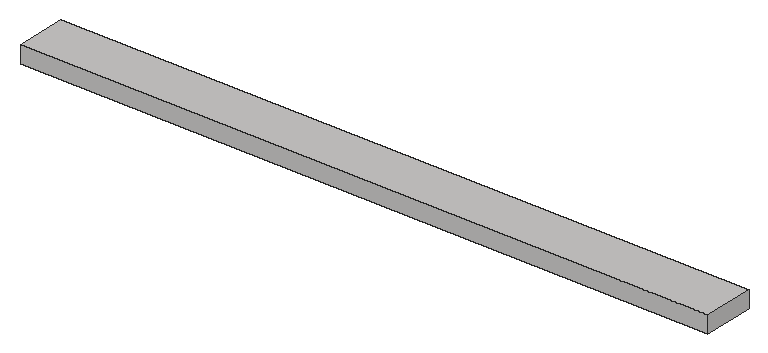
Revit family "NLRS_28_SFR_RECT", category Structural Framing, Revit 2020 (continued)
Types (94, lengths in mm): name | vz | vy | vpz | vpy | W | REX.Content.Identity | Iz | Iy | Ix | bf | d | A
  S100/10 | 5 | 50 | 5 | 50 | 7.85 kg/m | "rQF2ZXI9MjtzaWduYXR1cmU9MjtsYW5nPWVuLVVTO2RiPXRzbmxwcm87bmFtZTI9U1RSSVAxMDAqMTA7bmFtZTE9UkVDVDtOQU1FMT1TVFJJUDEwMCoxMDtkaW0xPTEwMDtkaW0yPTA7ZGltMz0xMDtjb2RlPTQzO05hbWVzPVN5c3RlbS5Db2xsZWN0aW9ucy5HZW5lcmljLkxpc3RgMVtTeXN0ZW0uU3RyaW5nXQ==" | 83.33 cm4 | 0.83 cm4 | 3.12 cm4 | 100 | 10 | 10.0 cm²
